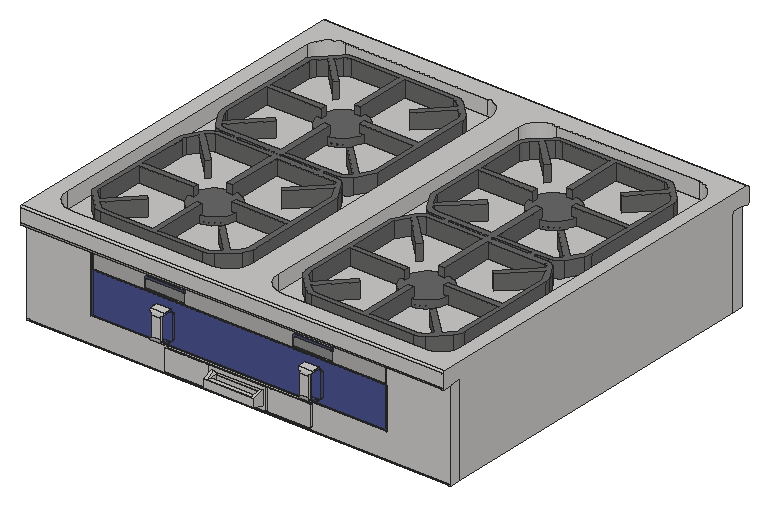
Revit family "QF_ELECTROLUXPROFESSIONAL_589084_MCGHACJOPI", category Specialty Equipment, Revit 2018
Family settings
  Round Connector Dimension = Use Diameter
  Part Type = Normal
  Work Plane-Based = No
  Always vertical = Yes
  Cut with Voids When Loaded = No
  Shared = No
  Room Calculation Point = No
Parameters
  Weight in Pounds = 180.77
  Watts = 0 W
  URL Cutsheet = ""
  Type Mark [instance] = ""
  Status [instance] = ""
  Specification by User [instance] = ""
  Specification by Manufacturer = ""
  Show Clearance [instance] = yes
  Serial Number = ""
  Seismic Rating = ""
  SMACNA No = ""
  Revision Code [instance] = ""
  Omniclass Number and Title = ""
  NAFEM Spec ID Number = ""
  Model = "589084"
  Mechanical Remarks [instance] = ""
  Mechanical Connection Type [instance] = ""
  Masterspec = ""
  Manufacturer = "ELECTROLUX"
  Item Number [instance] = ""
  Installed By [instance] = ""
  Identify Quantity as Lot [instance] = yes
  HP = "0 HP"
  Gas Size = 1/2"
  Gas RI Height [instance] = 0 mm
  Gas KW = 40
  Gas Input = 136360.0 Btu/h
  Gas Connection Height [instance] = 0 mm
  Furnished By [instance] = ""
  Foodservice Equipment Identifier [instance] = yes
  Direct Waste Size = 0"
  Description = "GAS TOP,4 BURNERS,ECO,2-S,1000X900X250H"
  CSI MasterFormat = ""
  CSI Master Format = ""
Reference planes
  plane 1 "BACK": y = 0
  plane 2: z = 0
  plane 3 "LEFT": x = 0
  plane 4 "RIGHT": x = 1000
  plane 5 "FRONT": y = -900
  plane 6 "TOP": z = 250
  plane 7: x = 500
  plane 8: y = -450
  plane 9: x = 965
  plane 10: y = -60.425
  plane 11: y = -1330
Forms (mm)
  Extrusion 1, solid, material "QF_Finishes_Stainless Steel"
    sketch origin (0, -487.128, 0) x (0, 1, 0) y (0, 0, 1)
      loop
        line (483.128, 250) -> (-408.872, 250)
        arc (-408.872, 250) -> (-411.7, 248.828) -> (-412.872, 246) r 4
        line (-412.872, 246) -> (-412.872, 214)
        arc (-412.872, 214) -> (-411.437, 210.931) -> (-408.161, 210.064) r 4
        line (-408.161, 210.064) -> (-392.872, 213) -> (-367.872, 213) -> (-367.872, 0) -> (442.128, 0) -> (442.128, 213) -> (465.765, 213) -> (482.433, 210.061)
        arc (482.433, 210.061) -> (485.699, 210.936) -> (487.128, 214) r 4
        line (487.128, 214) -> (487.128, 246)
        arc (487.128, 246) -> (485.956, 248.828) -> (483.128, 250) r 4
    from 0 to 1000
  Extrusion 2, void
    sketch origin (653.786, 44.048, 250) x (1, 0, 0) y (0, -1, 0)
      loop
        line (-570.234, 89.462) -> (-234.333, 89.462)
        arc (-234.333, 89.462) -> (-199.707, 103.805) -> (-185.364, 138.432) r 48.97
        line (-185.364, 138.432) -> (-185.364, 850.078)
        arc (-185.364, 850.078) -> (-199.707, 884.705) -> (-234.333, 899.048) r 48.97
        line (-234.333, 899.048) -> (-570.234, 899.048)
        arc (-570.234, 899.048) -> (-605.59, 884.403) -> (-620.234, 849.048) r 50
        line (-620.234, 849.048) -> (-620.234, 139.462)
        arc (-620.234, 139.462) -> (-605.59, 104.107) -> (-570.234, 89.462) r 50
      loop
        line (264.679, 899.048) -> (-71.222, 899.048)
        arc (-71.222, 899.048) -> (-106.577, 884.403) -> (-121.222, 849.048) r 50
        line (-121.222, 849.048) -> (-121.222, 139.462)
        arc (-121.222, 139.462) -> (-106.577, 104.107) -> (-71.222, 89.462) r 50
        line (-71.222, 89.462) -> (264.679, 89.462)
        arc (264.679, 89.462) -> (299.306, 103.805) -> (313.649, 138.432) r 48.97
        line (313.649, 138.432) -> (313.649, 850.078)
        arc (313.649, 850.078) -> (299.306, 884.705) -> (264.679, 899.048) r 48.97
    from 0 to 37
  Extrusion 3, solid, material "QF_Finishes_Stainless Steel"
    sketch origin (10, -759, 0) x (1, 0, 0) y (0, -1, 0)
      loop
        circle (955, -169) r 6.35
    from 0 to 3.2
  Extrusion 4, solid, material "QF_Door-Drawer Clearances", visible <- "Show Clearance", detail levels coarse
    sketch origin (-178.969, -4572, 0) x (-1, 0, 0) y (0, -1, 0)
      loop
        line (-507.364, -3689.407) -> (-507.364, -3242) -> (-851.364, -3242) -> (-851.364, -3689.407) -> (-507.364, -3689.407)
    from 8.012 to 59.392
Cuts and joins
  Extrusion 2 cuts Extrusion 1
Lines and regions (mm)
  symbolic lines
    curve 1: line (0, 0, 0) -> (1000, 0, 0)
    curve 2: line (0, -900, 0) -> (0, 0, 0)
    curve 3: line (1000, -900, 0) -> (0, -900, 0)
    curve 4: line (1000, 0, 0) -> (1000, -900, 0)
    curve 5: arc (83.552, -855, 0) -> (48.197, -840.355, 0) -> (33.552, -805, 0) r 50
    curve 6: line (33.552, -805, 0) -> (33.552, -95.414, 0)
    curve 7: arc (33.552, -95.414, 0) -> (48.197, -60.059, 0) -> (83.552, -45.414, 0) r 50
    curve 8: line (83.552, -45.414, 0) -> (417.592, -45.414, 0)
    curve 9: arc (918.465, -45.414, 0) -> (953.092, -59.757, 0) -> (967.435, -94.384, 0) r 48.97
    curve 10: line (967.435, -94.384, 0) -> (967.435, -806.03, 0)
    curve 11: arc (967.435, -806.03, 0) -> (953.092, -840.657, 0) -> (918.465, -855, 0) r 48.97
    curve 12: line (918.465, -855, 0) -> (582.408, -855, 0)
    curve 13: line (582.408, -45.414, 0) -> (918.465, -45.414, 0)
    curve 14: line (417.592, -855, 0) -> (83.552, -855, 0)
    curve 15: arc (582.408, -855, 0) -> (547.053, -840.355, 0) -> (532.408, -805, 0) r 50
    curve 16: line (532.408, -805, 0) -> (532.408, -95.414, 0)
    curve 17: arc (532.408, -95.414, 0) -> (547.053, -60.059, 0) -> (582.408, -45.414, 0) r 50
    curve 18: arc (417.592, -855, 0) -> (452.947, -840.355, 0) -> (467.592, -805, 0) r 50
    curve 19: line (467.592, -805, 0) -> (467.592, -95.414, 0)
    curve 20: arc (467.592, -95.414, 0) -> (452.947, -60.059, 0) -> (417.592, -45.414, 0) r 50
  symbolic lines, style "QF_Door-Drawer Clearances"
    curve 21: line (328.395, -900, 0) -> (328.395, -1330, 0)
    curve 22: line (672.395, -1330, 0) -> (672.395, -900, 0)
    curve 23: line (328.395, -1330, 0) -> (672.395, -1330, 0)
Dimensions and locks
  plane 3 "LEFT" to plane 4 "RIGHT" = 1000 mm
  plane 5 "FRONT" to plane 1 "BACK" = 900 mm
  equal spacing: plane 3 "LEFT", plane 7, plane 4 "RIGHT"
  equal spacing: plane 5 "FRONT", plane 8, plane 1 "BACK"
  plane 6 "TOP" to level = 250 mm  (x2)
  plane 1 "BACK" to plane 5 "FRONT" = 900 mm
  Extrusion 3 sketch curve to plane 1 "BACK" = 590 mm
  Extrusion 3 sketch curve to plane 4 "RIGHT" = 35 mm
  plane 1 "BACK" to Extrusion 3 = 590 mm
  plane 9 to plane 4 "RIGHT" = 35 mm
  plane 5 "FRONT" to plane 11 = 430 mm
  aligned and locked: level to plane 2
  aligned and locked: Extrusion 1 to plane 4 "RIGHT"
Automatic sketch dimensions
  Extrusion 1 sketch curve to plane 5 "FRONT" = 0 mm
  Extrusion 1 sketch curve to plane 6 "TOP" = 0 mm
  Extrusion 1 sketch curve to level = 0 mm
  Extrusion 1 sketch curve to plane 1 "BACK" = 0 mm
  Extrusion 1 sketch curve to plane 6 "TOP" = 37 mm  (x2)
  Extrusion 1 sketch curve to plane 5 "FRONT" = 4 mm
  Extrusion 1 sketch curve to plane 5 "FRONT" = 20 mm
  Extrusion 1 sketch curve to plane 5 "FRONT" = 45 mm
  plane 1 "BACK" to Extrusion 1 sketch curve = 21.363 mm
  plane 1 "BACK" to Extrusion 1 sketch curve = 4 mm  (x2)
  Extrusion 1 sketch curve to Extrusion 1 sketch curve = 4 mm
  Extrusion 1 sketch curve to Extrusion 1 sketch curve = 0.711 mm
  plane 1 "BACK" to Extrusion 1 sketch curve = 4.695 mm
  Extrusion 1 sketch curve to Extrusion 1 sketch curve = 0 mm  (x2)
  Extrusion 1 sketch curve to Extrusion 1 sketch curve = 1 mm  (x2)
  plane 1 "BACK" to Extrusion 1 sketch curve = 45 mm
  plane 1 "BACK" to curve 1 = 0 mm
  curve 1 to plane 4 "RIGHT" = 0 mm
  curve 3 to plane 3 "LEFT" = 0 mm
  plane 5 "FRONT" to curve 3 = 0 mm
  curve 10 to plane 9 = 2.435 mm
  plane 10 to curve 13 = 15.012 mm
  plane 9 to curve 13 = 46.535 mm
  plane 9 to curve 12 = 46.535 mm
  plane 7 to curve 16 = 32.408 mm
  curve 19 to plane 7 = 32.408 mm
  plane 3 "LEFT" to curve 8 = 83.552 mm
  plane 3 "LEFT" to curve 14 = 83.552 mm
  plane 3 "LEFT" to curve 6 = 33.552 mm
  curve 15 to curve 16 = 50 mm
  curve 20 to plane 10 = 34.988 mm
  curve 18 to plane 5 "FRONT" = 45 mm
  curve 19 to curve 18 = 50 mm
  Extrusion 1 to Extrusion 2 sketch curve = 33.552 mm
  Extrusion 1 to Extrusion 2 sketch curve = 41 mm  (x2)
  Extrusion 2 sketch curve to Extrusion 2 sketch curve = 50 mm  (x4)
  Extrusion 1 to Extrusion 2 sketch curve = 41.414 mm
  Extrusion 2 sketch curve to Extrusion 2 sketch curve = 335.901 mm  (x2)
  Extrusion 2 sketch curve to Extrusion 2 sketch curve = 48.97 mm
  Extrusion 2 sketch curve to Extrusion 2 sketch curve = 64.142 mm
  Extrusion 1 to Extrusion 2 sketch curve = 81.535 mm  (x2)
  Extrusion 1 to Extrusion 2 sketch curve = 32.565 mm
  Extrusion 2 sketch curve to Extrusion 2 sketch curve = 1.03 mm
  curve 18 to curve 16 = 0 mm
  plane 10 to curve 8 = 15.012 mm
  curve 16 to plane 10 = 34.988 mm
  plane 7 to Extrusion 4 sketch curve = 172.395 mm
  Extrusion 4 sketch curve to plane 5 "FRONT" = 17.407 mm
  Extrusion 4 sketch curve to plane 7 = 171.605 mm
  Extrusion 4 sketch curve to Extrusion 4 sketch curve = 447.407 mm
  curve 22 to plane 11 = 0 mm
  plane 7 to curve 22 = 172.395 mm
  curve 21 to plane 7 = 171.605 mm
  curve 22 to plane 5 "FRONT" = 0 mm
  curve 21 to plane 5 "FRONT" = 0 mm
  radius of Extrusion 3 sketch curve = 6.35 mm
Nested families
  nested 1: "OBT_900_Open Burner" at (250, -450.207, -649.319), type "OBT_900_Open Burner"
  nested 2: "OBT_900_Open Burner" at (750, -450.207, -649.319) x (-1, 0, 0) z (0, 0, 1), type "OBT_900_Open Burner"
  nested 3: "EG_900_1000_Double Range Control Handle Back Panel" at (202.376, -45, -650), type "EG_900_1000_Double Range Control Handle Back Panel"
  nested 4: "EG_900_1000_Double Range Control Handle Front Panel" at (202.376, -855, -650), type "EG_900_1000_Double Range Control Handle Front Panel"
Connectors
  piping at (965, -590, -3.2), diameter 12.8
    settings: on Extrusion 3, index 1, connector inside diameter 0.50394", connector length 0 mm, flow factor 0, pipe flow 0 GPM, pressure drop 0.00 psi, fitting loss kfactor 0, connector angle 0.00°, fixture units 0, engagement length 0 mm, angle of deflection 0.00°, flow configuration 1, flow direction 1, fitting loss method 0, system type 7, joint type 0, gender type 0, connector reference index -1, connector utility 0, adjustable connector no, is connector primary yes, connector description "GAS CONNECTION"
Definition of nested family "OBT_900_Open Burner"
  Reference planes
    plane 1 "Center (Front/Back)": y = 0
    plane 2: z = 0
    plane 3 "Center (Left/Right)": x = 0
    plane 4: x = -186.448
    plane 5: x = 187.435
    plane 6: y = 374.793
    plane 7: y = -374.793
    plane 8: y = -188.326
  Forms (mm)
    Extrusion 1, solid
      sketch origin (2130.573, 56.896, -679.622) x (1, 0, 0) y (0, 1, 0)
        loop
          line (-2137.44, 306.49) -> (-2250.793, 306.49)
          arc (-2250.793, 306.49) -> (-2257.908, 305.075) -> (-2263.94, 301.044) r 18.593
          line (-2263.94, 301.044) -> (-2276.233, 288.751) -> (-2213.48, 225.998) -> (-2221.6, 217.877) -> (-2284.354, 280.631) -> (-2300.33, 264.654)
          arc (-2300.33, 264.654) -> (-2304.433, 258.337) -> (-2305.614, 250.897) r 18.125
          line (-2305.614, 250.897) -> (-2305.614, 138.422) -> (-2175.79, 138.422) -> (-2175.79, 126.938) -> (-2305.614, 126.938) -> (-2305.614, 10.897)
          arc (-2305.614, 10.897) -> (-2304.981, 6.085) -> (-2303.123, 1.601) r 18.593
          line (-2303.123, 1.601) -> (-2290.078, -20.994) -> (-2221.6, 47.483) -> (-2213.48, 39.363) -> (-2284.012, -31.169)
          arc (-2284.012, -31.169) -> (-2278.546, -38.527) -> (-2270.23, -42.379) r 18.593
          line (-2270.23, -42.379) -> (-2137.44, -42.379) -> (-2137.44, 87.464) -> (-2123.707, 87.464) -> (-2123.707, -42.379) -> (-1989.813, -42.379)
          arc (-1989.813, -42.379) -> (-1981.496, -38.527) -> (-1976.031, -31.169) r 18.593
          line (-1976.031, -31.169) -> (-2047.115, 39.915) -> (-2038.994, 48.035) -> (-1969.962, -20.997) -> (-1954.428, 5.916) -> (-1954.428, 126.938) -> (-2085.357, 126.938) -> (-2085.357, 138.422) -> (-1954.428, 138.422) -> (-1954.428, 247.888)
          arc (-1954.428, 247.888) -> (-1956.538, 258.496) -> (-1962.547, 267.489) r 27.72
          line (-1962.547, 267.489) -> (-1975.689, 280.631) -> (-2038.994, 217.325) -> (-2047.115, 225.446) -> (-1983.809, 288.751) -> (-1996.102, 301.044)
          arc (-1996.102, 301.044) -> (-2002.134, 305.075) -> (-2009.25, 306.49) r 18.593
          line (-2009.25, 306.49) -> (-2123.707, 306.49) -> (-2123.707, 177.897) -> (-2137.44, 177.897) -> (-2137.44, 306.49)
        loop
          arc (-2317.021, 10.897) -> (-2315.999, 3.132) -> (-2313.002, -4.103) r 30
          line (-2313.002, -4.103) -> (-2292.795, -39.103)
          arc (-2292.795, -39.103) -> (-2281.814, -50.084) -> (-2266.814, -54.103) r 30
          line (-2266.814, -54.103) -> (-2239.287, -54.103)
          arc (-2239.287, -54.103) -> (-2238.243, -56) -> (-2236.272, -56.896) r 3.438
          arc (-2236.272, -56.896) -> (-2238.243, -57.792) -> (-2239.287, -59.689) r 3.438
          line (-2239.287, -59.689) -> (-2266.814, -59.689)
          arc (-2266.814, -59.689) -> (-2281.814, -63.708) -> (-2292.795, -74.689) r 30
          line (-2292.795, -74.689) -> (-2313.002, -109.689)
          arc (-2313.002, -109.689) -> (-2315.999, -116.924) -> (-2317.021, -124.689) r 30
          line (-2317.021, -124.689) -> (-2317.021, -365.461)
          arc (-2317.021, -365.461) -> (-2314.738, -376.941) -> (-2308.234, -386.674) r 30
          line (-2308.234, -386.674) -> (-2271.975, -422.933)
          arc (-2271.975, -422.933) -> (-2262.253, -429.414) -> (-2250.793, -431.689) r 30
          line (-2250.793, -431.689) -> (-2009.25, -431.689)
          arc (-2009.25, -431.689) -> (-1997.786, -429.412) -> (-1988.062, -422.928) r 30
          line (-1988.062, -422.928) -> (-1951.808, -386.674)
          arc (-1951.808, -386.674) -> (-1945.305, -376.941) -> (-1942.982, -365.461) r 30
          line (-1942.982, -365.461) -> (-1942.982, -116.719) -> (-1967.248, -74.689)
          arc (-1967.248, -74.689) -> (-1978.229, -63.708) -> (-1993.229, -59.689) r 30
          line (-1993.229, -59.689) -> (-2020.319, -59.689)
          arc (-2020.319, -59.689) -> (-2021.979, -57.759) -> (-2024.375, -56.896) r 5
          arc (-2024.375, -56.896) -> (-2021.979, -56.033) -> (-2020.319, -54.103) r 5
          line (-2020.319, -54.103) -> (-1993.229, -54.103)
          arc (-1993.229, -54.103) -> (-1978.229, -50.084) -> (-1967.248, -39.103) r 30
          line (-1967.248, -39.103) -> (-1943.138, 2.656) -> (-1943.138, 254.314)
          arc (-1943.138, 254.314) -> (-1945.839, 264.361) -> (-1951.808, 272.882) r 30
          line (-1951.808, 272.882) -> (-1988.062, 309.136)
          arc (-1988.062, 309.136) -> (-1997.786, 315.62) -> (-2009.25, 317.897) r 30
          line (-2009.25, 317.897) -> (-2250.793, 317.897)
          arc (-2250.793, 317.897) -> (-2262.253, 315.622) -> (-2271.975, 309.141) r 30
          line (-2271.975, 309.141) -> (-2308.234, 272.882)
          arc (-2308.234, 272.882) -> (-2314.738, 263.149) -> (-2317.021, 251.669) r 30
          line (-2317.021, 251.669) -> (-2317.021, 10.897)
        loop
          arc (-2122.397, -54.103) -> (-2124.057, -56.033) -> (-2126.452, -56.896) r 5
          arc (-2126.452, -56.896) -> (-2124.057, -57.759) -> (-2122.397, -59.689) r 5
          line (-2122.397, -59.689) -> (-2035.829, -59.689)
          arc (-2035.829, -59.689) -> (-2034.784, -57.792) -> (-2032.813, -56.896) r 3.438
          arc (-2032.813, -56.896) -> (-2034.784, -56) -> (-2035.829, -54.103) r 3.438
          line (-2035.829, -54.103) -> (-2122.397, -54.103)
        loop
          arc (-2223.778, -54.103) -> (-2225.438, -56.033) -> (-2227.833, -56.896) r 5
          arc (-2227.833, -56.896) -> (-2225.438, -57.759) -> (-2223.778, -59.689) r 5
          line (-2223.778, -59.689) -> (-2137.906, -59.689)
          arc (-2137.906, -59.689) -> (-2136.862, -57.792) -> (-2134.891, -56.896) r 3.438
          arc (-2134.891, -56.896) -> (-2136.862, -56) -> (-2137.906, -54.103) r 3.438
          line (-2137.906, -54.103) -> (-2223.778, -54.103)
        loop
          line (-2137.44, -420.282) -> (-2137.44, -290.439) -> (-2123.707, -290.439) -> (-2123.707, -420.282) -> (-2009.25, -420.282)
          arc (-2009.25, -420.282) -> (-2002.134, -418.867) -> (-1996.102, -414.836) r 18.593
          line (-1996.102, -414.836) -> (-1983.184, -401.918) -> (-2047.115, -337.988) -> (-2038.994, -329.867) -> (-1975.064, -393.798) -> (-1962.547, -381.281)
          arc (-1962.547, -381.281) -> (-1956.538, -372.288) -> (-1954.428, -361.68) r 27.72
          line (-1954.428, -361.68) -> (-1954.428, -250.964) -> (-2085.357, -250.964) -> (-2085.357, -239.48) -> (-1954.428, -239.48) -> (-1954.428, -119.708) -> (-1970.42, -92.003) -> (-2038.994, -160.577) -> (-2047.115, -152.457) -> (-1976.413, -81.755)
          arc (-1976.413, -81.755) -> (-1981.868, -74.971) -> (-1989.813, -71.413) r 18.593
          line (-1989.813, -71.413) -> (-2123.707, -71.413) -> (-2123.707, -200.006) -> (-2137.44, -200.006) -> (-2137.44, -71.413) -> (-2270.23, -71.413)
          arc (-2270.23, -71.413) -> (-2278.175, -74.971) -> (-2283.629, -81.755) r 18.593
          line (-2283.629, -81.755) -> (-2213.48, -151.905) -> (-2221.6, -160.025) -> (-2289.62, -92.005) -> (-2303.123, -115.393)
          arc (-2303.123, -115.393) -> (-2304.981, -119.877) -> (-2305.614, -124.689) r 18.593
          line (-2305.614, -124.689) -> (-2305.614, -239.48) -> (-2175.79, -239.48) -> (-2175.79, -250.964) -> (-2305.614, -250.964) -> (-2305.614, -364.689)
          arc (-2305.614, -364.689) -> (-2304.433, -372.129) -> (-2300.33, -378.446) r 18.125
          line (-2300.33, -378.446) -> (-2284.979, -393.798) -> (-2221.6, -330.419) -> (-2213.48, -338.54) -> (-2276.858, -401.918) -> (-2263.94, -414.836)
          arc (-2263.94, -414.836) -> (-2257.908, -418.867) -> (-2250.793, -420.282) r 18.593
          line (-2250.793, -420.282) -> (-2137.44, -420.282)
      from 1542.072 to 1578.941
    Extrusion 2, solid
      sketch origin (2130.573, 61.122, 0) x (1, 0, 0) y (0, 1, 0)
        loop
          circle (-2130.573, -249.448) r 55
        loop
          circle (-2130.573, 128.455) r 55
      from 862.45 to 879.837
    Extrusion 3, void
      sketch origin (-124.371, -355.785, -22.784) x (-0.587785, -0.809017, 0) y (0, 0, 1)
        loop
          circle (-213.495, 891.283) r 1
      from -67.69 to -35.114
    Extrusion 4, void
      sketch origin (-89.903, -376.417, -22.784) x (-0.422618, -0.906308, 0) y (0, 0, 1)
        loop
          circle (-213.495, 891.283) r 1
      from -74.826 to -35.114
    Extrusion 5, void
      sketch origin (-52.131, -390.093, -22.784) x (-0.241922, -0.970296, 0) y (0, 0, 1)
        loop
          circle (-213.495, 891.283) r 1
      from -67.69 to -35.114
    Extrusion 6, void
      sketch origin (27.702, -394.842, -22.784) x (0.139173, -0.990268, 0) y (0, 0, 1)
        loop
          circle (-213.495, 891.283) r 1
      from -67.69 to -35.114
    Extrusion 7, void
      sketch origin (66.829, -385.74, -22.784) x (0.325568, -0.945519, 0) y (0, 0, 1)
        loop
          circle (-213.495, 891.283) r 1
      from -67.69 to -35.114
    Extrusion 8, void
      sketch origin (103.5, -369.339, -22.784) x (0.5, -0.866025, 0) y (0, 0, 1)
        loop
          circle (-213.495, 891.283) r 1
      from -67.69 to -35.114
    Extrusion 9, void
      sketch origin (136.368, -346.242, -22.784) x (0.656059, -0.75471, 0) y (0, 0, 1)
        loop
          circle (-213.495, 891.283) r 1
      from -67.69 to -35.114
    Extrusion 10, void
      sketch origin (164.225, -317.298, -22.784) x (0.788011, -0.615661, 0) y (0, 0, 1)
        loop
          circle (-213.495, 891.283) r 1
      from -67.69 to -35.114
    Extrusion 11, void
      sketch origin (186.048, -283.571, -22.784) x (0.891007, -0.45399, 0) y (0, 0, 1)
        loop
          circle (-213.495, 891.283) r 1
      from -67.69 to -35.114
    Extrusion 12, void
      sketch origin (201.034, -246.299, -22.784) x (0.961262, -0.275637, 0) y (0, 0, 1)
        loop
          circle (-213.495, 891.283) r 1
      from -67.69 to -35.114
    Extrusion 13, void
      sketch origin (208.566, -166.681, -22.784) x (0.994522, 0.104528, 0) y (0, 0, 1)
        loop
          circle (-213.495, 891.283) r 1
      from -67.69 to -35.114
    Extrusion 14, void
      sketch origin (200.835, -127.26, -22.784) x (0.956305, 0.292372, 0) y (0, 0, 1)
        loop
          circle (-213.495, 891.283) r 1
      from -67.69 to -35.114
    Extrusion 15, void
      sketch origin (185.724, -90.039, -22.784) x (0.882948, 0.469472, 0) y (0, 0, 1)
        loop
          circle (-213.495, 891.283) r 1
      from -67.69 to -35.114
    Extrusion 16, void
      sketch origin (163.788, -56.385, -22.784) x (0.777146, 0.62932, 0) y (0, 0, 1)
        loop
          circle (-213.495, 891.283) r 1
      from -67.69 to -35.114
    Extrusion 17, void
      sketch origin (135.834, -27.534, -22.784) x (0.642788, 0.766044, 0) y (0, 0, 1)
        loop
          circle (-213.495, 891.283) r 1
      from -67.69 to -35.114
    Extrusion 18, void
      sketch origin (102.889, -4.548, -22.784) x (0.48481, 0.87462, 0) y (0, 0, 1)
        loop
          circle (-213.495, 891.283) r 1
      from -67.69 to -35.114
    Extrusion 19, void
      sketch origin (66.163, 11.73, -22.784) x (0.309017, 0.951057, 0) y (0, 0, 1)
        loop
          circle (-213.495, 891.283) r 1
      from -67.69 to -35.114
    Extrusion 20, void
      sketch origin (-52.811, 15.685, -22.784) x (-0.258819, 0.965926, 0) y (0, 0, 1)
        loop
          circle (-213.495, 891.283) r 1
      from -67.69 to -35.114
    Extrusion 21, void
      sketch origin (-90.537, 1.882, -22.784) x (-0.438371, 0.898794, 0) y (0, 0, 1)
        loop
          circle (-213.495, 891.283) r 1
      from -67.69 to -35.114
    Extrusion 22, void
      sketch origin (-124.936, -18.865, -22.784) x (-0.601815, 0.798636, 0) y (0, 0, 1)
        loop
          circle (-213.495, 891.283) r 1
      from -67.69 to -35.114
    Extrusion 23, void
      sketch origin (-154.744, -45.796, -22.784) x (-0.743145, 0.669131, 0) y (0, 0, 1)
        loop
          circle (-213.495, 891.283) r 1
      from -67.69 to -35.114
    Extrusion 24, void
      sketch origin (-178.866, -77.919, -22.784) x (-0.857167, 0.515038, 0) y (0, 0, 1)
        loop
          circle (-213.495, 891.283) r 1
      from -67.69 to -35.114
    Extrusion 25, void
      sketch origin (-196.416, -114.054, -22.784) x (-0.939693, 0.34202, 0) y (0, 0, 1)
        loop
          circle (-213.495, 891.283) r 1
      from -67.69 to -35.114
    Extrusion 26, void
      sketch origin (-204.521, -232.817, -22.784) x (-0.97437, -0.224951, 0) y (0, 0, 1)
        loop
          circle (-213.495, 891.283) r 1
      from -67.69 to -35.114
    Extrusion 27, void
      sketch origin (-192.043, -271.002, -22.784) x (-0.913545, -0.406737, 0) y (0, 0, 1)
        loop
          circle (-213.495, 891.283) r 1
      from -67.69 to -35.114
    Extrusion 28, void
      sketch origin (-172.509, -306.104, -22.784) x (-0.819152, -0.573576, 0) y (0, 0, 1)
        loop
          circle (-213.495, 891.283) r 1
      from -67.69 to -35.114
    Extrusion 29, void
      sketch origin (-146.635, -336.834, -22.784) x (-0.694658, -0.71934, 0) y (0, 0, 1)
        loop
          circle (-213.495, 891.283) r 1
      from -67.69 to -35.114
    Extrusion 30, void
      sketch origin (-124.371, 22.118, -22.784) x (-0.587785, -0.809017, 0) y (0, 0, 1)
        loop
          circle (-213.495, 891.283) r 1
      from -67.69 to -35.114
    Extrusion 31, void
      sketch origin (-89.903, 1.485, -22.784) x (-0.422618, -0.906308, 0) y (0, 0, 1)
        loop
          circle (-213.495, 891.283) r 1
      from -74.826 to -35.114
    Extrusion 32, void
      sketch origin (-52.131, -12.191, -22.784) x (-0.241922, -0.970296, 0) y (0, 0, 1)
        loop
          circle (-213.495, 891.283) r 1
      from -67.69 to -35.114
    Extrusion 33, void
      sketch origin (27.702, -16.939, -22.784) x (0.139173, -0.990268, 0) y (0, 0, 1)
        loop
          circle (-213.495, 891.283) r 1
      from -67.69 to -35.114
    Extrusion 34, void
      sketch origin (66.829, -7.837, -22.784) x (0.325568, -0.945519, 0) y (0, 0, 1)
        loop
          circle (-213.495, 891.283) r 1
      from -67.69 to -35.114
    Extrusion 35, void
      sketch origin (103.5, 8.564, -22.784) x (0.5, -0.866025, 0) y (0, 0, 1)
        loop
          circle (-213.495, 891.283) r 1
      from -67.69 to -35.114
    Extrusion 36, void
      sketch origin (136.368, 31.66, -22.784) x (0.656059, -0.75471, 0) y (0, 0, 1)
        loop
          circle (-213.495, 891.283) r 1
      from -67.69 to -35.114
    Extrusion 37, void
      sketch origin (164.225, 60.604, -22.784) x (0.788011, -0.615661, 0) y (0, 0, 1)
        loop
          circle (-213.495, 891.283) r 1
      from -67.69 to -35.114
    Extrusion 38, void
      sketch origin (186.048, 94.332, -22.784) x (0.891007, -0.45399, 0) y (0, 0, 1)
        loop
          circle (-213.495, 891.283) r 1
      from -67.69 to -35.114
    Extrusion 39, void
      sketch origin (201.034, 131.603, -22.784) x (0.961262, -0.275637, 0) y (0, 0, 1)
        loop
          circle (-213.495, 891.283) r 1
      from -67.69 to -35.114
    Extrusion 40, void
      sketch origin (208.566, 211.222, -22.784) x (0.994522, 0.104528, 0) y (0, 0, 1)
        loop
          circle (-213.495, 891.283) r 1
      from -67.69 to -35.114
    Extrusion 41, void
      sketch origin (200.835, 250.642, -22.784) x (0.956305, 0.292372, 0) y (0, 0, 1)
        loop
          circle (-213.495, 891.283) r 1
      from -67.69 to -35.114
    Extrusion 42, void
      sketch origin (185.724, 287.864, -22.784) x (0.882948, 0.469472, 0) y (0, 0, 1)
        loop
          circle (-213.495, 891.283) r 1
      from -67.69 to -35.114
    Extrusion 43, void
      sketch origin (163.788, 321.518, -22.784) x (0.777146, 0.62932, 0) y (0, 0, 1)
        loop
          circle (-213.495, 891.283) r 1
      from -67.69 to -35.114
    Extrusion 44, void
      sketch origin (135.834, 350.368, -22.784) x (0.642788, 0.766044, 0) y (0, 0, 1)
        loop
          circle (-213.495, 891.283) r 1
      from -67.69 to -35.114
    Extrusion 45, void
      sketch origin (102.889, 373.355, -22.784) x (0.48481, 0.87462, 0) y (0, 0, 1)
        loop
          circle (-213.495, 891.283) r 1
      from -67.69 to -35.114
    Extrusion 46, void
      sketch origin (66.163, 389.633, -22.784) x (0.309017, 0.951057, 0) y (0, 0, 1)
        loop
          circle (-213.495, 891.283) r 1
      from -67.69 to -35.114
    Extrusion 47, void
      sketch origin (-52.811, 393.588, -22.784) x (-0.258819, 0.965926, 0) y (0, 0, 1)
        loop
          circle (-213.495, 891.283) r 1
      from -67.69 to -35.114
    Extrusion 48, void
      sketch origin (-90.537, 379.785, -22.784) x (-0.438371, 0.898794, 0) y (0, 0, 1)
        loop
          circle (-213.495, 891.283) r 1
      from -67.69 to -35.114
    Extrusion 49, void
      sketch origin (-124.936, 359.037, -22.784) x (-0.601815, 0.798636, 0) y (0, 0, 1)
        loop
          circle (-213.495, 891.283) r 1
      from -67.69 to -35.114
    Extrusion 50, void
      sketch origin (-154.744, 332.107, -22.784) x (-0.743145, 0.669131, 0) y (0, 0, 1)
        loop
          circle (-213.495, 891.283) r 1
      from -67.69 to -35.114
    Extrusion 51, void
      sketch origin (-178.866, 299.984, -22.784) x (-0.857167, 0.515038, 0) y (0, 0, 1)
        loop
          circle (-213.495, 891.283) r 1
      from -67.69 to -35.114
    Extrusion 52, void
      sketch origin (-196.416, 263.848, -22.784) x (-0.939693, 0.34202, 0) y (0, 0, 1)
        loop
          circle (-213.495, 891.283) r 1
      from -67.69 to -35.114
    Extrusion 53, void
      sketch origin (-204.521, 145.086, -22.784) x (-0.97437, -0.224951, 0) y (0, 0, 1)
        loop
          circle (-213.495, 891.283) r 1
      from -67.69 to -35.114
    Extrusion 54, void
      sketch origin (-192.043, 106.901, -22.784) x (-0.913545, -0.406737, 0) y (0, 0, 1)
        loop
          circle (-213.495, 891.283) r 1
      from -67.69 to -35.114
    Extrusion 55, void
      sketch origin (-172.509, 71.798, -22.784) x (-0.819152, -0.573576, 0) y (0, 0, 1)
        loop
          circle (-213.495, 891.283) r 1
      from -67.69 to -35.114
    Extrusion 56, void
      sketch origin (-146.635, 41.068, -22.784) x (-0.694658, -0.71934, 0) y (0, 0, 1)
        loop
          circle (-213.495, 891.283) r 1
      from -67.69 to -35.114
  Cuts and joins
    Extrusion 3, Extrusion 4, Extrusion 5, Extrusion 6, Extrusion 7, Extrusion 8, Extrusion 9, Extrusion 10, Extrusion 11, Extrusion 12, Extrusion 13, Extrusion 14, Extrusion 15, Extrusion 16, Extrusion 17, Extrusion 18, Extrusion 19, Extrusion 20, Extrusion 21, Extrusion 22, Extrusion 23, Extrusion 24, Extrusion 25, Extrusion 26, Extrusion 27, Extrusion 28, Extrusion 29, Extrusion 30, Extrusion 31, Extrusion 32, Extrusion 33, Extrusion 34, Extrusion 35, Extrusion 36, Extrusion 37, Extrusion 38, Extrusion 39, Extrusion 40, Extrusion 41, Extrusion 42, Extrusion 43, Extrusion 44, Extrusion 45, Extrusion 46, Extrusion 47, Extrusion 48, Extrusion 49, Extrusion 50, Extrusion 51, Extrusion 52, Extrusion 53, Extrusion 54, Extrusion 55, Extrusion 56 cuts Extrusion 2
    Extrusion 32 cuts Extrusion 1
  Lines and regions (mm)
    symbolic lines
      curve 1: arc (54.699, -182.584, 0) -> (39.289, -149.838, 0) -> (6.867, -133.757, 0) r 55
      curve 2: arc (-54.699, -194.068, 0) -> (-39.289, -226.815, 0) -> (-6.867, -242.896, 0) r 55
      curve 3: line (45.217, -194.068, 0) -> (176.145, -194.068, 0)
      curve 4: line (176.145, -194.068, 0) -> (176.145, -304.784, 0)
      curve 5: arc (176.145, -304.784, 0) -> (174.035, -315.392, 0) -> (168.026, -324.385, 0) r 27.72
      curve 6: line (168.026, -324.385, 0) -> (155.51, -336.902, 0)
      curve 7: line (155.51, -336.902, 0) -> (91.579, -272.971, 0)
      curve 8: line (83.459, -281.092, 0) -> (147.389, -345.022, 0)
      curve 9: line (147.389, -345.022, 0) -> (134.471, -357.94, 0)
      curve 10: arc (134.471, -357.94, 0) -> (128.439, -361.971, 0) -> (121.324, -363.386, 0) r 18.593
      curve 11: line (121.324, -363.386, 0) -> (6.867, -363.386, 0)
      curve 12: line (6.867, -363.386, 0) -> (6.867, -233.543, 0)
      curve 13: line (-6.867, -233.543, 0) -> (-6.867, -363.386, 0)
      curve 14: line (-6.867, -363.386, 0) -> (-120.219, -363.386, 0)
      curve 15: arc (-120.219, -363.386, 0) -> (-127.335, -361.971, 0) -> (-133.367, -357.94, 0) r 18.593
      curve 16: line (-133.367, -357.94, 0) -> (-146.285, -345.022, 0)
      curve 17: line (-146.285, -345.022, 0) -> (-82.906, -281.644, 0)
      curve 18: line (-91.027, -273.523, 0) -> (-154.405, -336.902, 0)
      curve 19: line (-154.405, -336.902, 0) -> (-169.757, -321.55, 0)
      curve 20: arc (-169.757, -321.55, 0) -> (-173.86, -315.233, 0) -> (-175.041, -307.793, 0) r 18.125
      curve 21: line (-175.041, -307.793, 0) -> (-175.041, -194.068, 0)
      curve 22: line (-175.041, -194.068, 0) -> (-45.217, -194.068, 0)
      curve 23: line (-45.217, -182.584, 0) -> (-175.041, -182.584, 0)
      curve 24: line (-175.041, -182.584, 0) -> (-175.041, -67.793, 0)
      curve 25: arc (-175.041, -67.793, 0) -> (-174.407, -62.981, 0) -> (-172.55, -58.497, 0) r 18.593
      curve 26: line (-172.55, -58.497, 0) -> (-159.047, -35.109, 0)
      curve 27: line (-159.047, -35.109, 0) -> (-91.027, -103.129, 0)
      curve 28: line (-82.906, -95.009, 0) -> (-153.056, -24.859, 0)
      curve 29: arc (-153.056, -24.859, 0) -> (-147.601, -18.075, 0) -> (-139.656, -14.517, 0) r 18.593
      curve 30: line (-139.656, -14.517, 0) -> (-6.867, -14.517, 0)
      curve 31: line (-6.867, -14.517, 0) -> (-6.867, -143.11, 0)
      curve 32: line (6.867, -143.11, 0) -> (6.867, -14.517, 0)
      curve 33: line (6.867, -14.517, 0) -> (140.761, -14.517, 0)
      curve 34: arc (140.761, -14.517, 0) -> (148.706, -18.075, 0) -> (154.16, -24.859, 0) r 18.593
      curve 35: line (154.16, -24.859, 0) -> (83.459, -95.561, 0)
      curve 36: line (91.579, -103.681, 0) -> (160.154, -35.107, 0)
      curve 37: line (160.154, -35.107, 0) -> (176.145, -62.812, 0)
      curve 38: line (176.145, -62.812, 0) -> (176.145, -182.584, 0)
      curve 39: line (176.145, -182.584, 0) -> (45.217, -182.584, 0)
      curve 40: line (187.592, -59.823, 0) -> (163.326, -17.793, 0)
      curve 41: arc (163.326, -17.793, 0) -> (152.345, -6.812, 0) -> (137.345, -2.793, 0) r 30
      curve 42: line (137.345, -2.793, 0) -> (110.254, -2.793, 0)
      curve 43: arc (110.254, -2.793, 0) -> (108.594, -0.863, 0) -> (106.199, 0, 0) r 5
      curve 44: arc (106.199, 0, 0) -> (108.594, 0.863, 0) -> (110.254, 2.793, 0) r 5
      curve 45: line (110.254, 2.793, 0) -> (137.345, 2.793, 0)
      curve 46: arc (137.345, 2.793, 0) -> (152.345, 6.812, 0) -> (163.326, 17.793, 0) r 30
      curve 47: line (163.326, 17.793, 0) -> (187.435, 59.552, 0)
      curve 48: line (187.435, 59.552, 0) -> (187.435, 311.21, 0)
      curve 49: arc (187.435, 311.21, 0) -> (184.735, 321.257, 0) -> (178.765, 329.778, 0) r 30
      curve 50: line (178.765, 329.778, 0) -> (142.511, 366.032, 0)
      curve 51: arc (142.511, 366.032, 0) -> (132.788, 372.516, 0) -> (121.324, 374.793, 0) r 30
      curve 52: line (121.324, 374.793, 0) -> (-120.219, 374.793, 0)
      curve 53: arc (-120.219, 374.793, 0) -> (-131.68, 372.518, 0) -> (-141.401, 366.037, 0) r 30
      curve 54: line (-141.401, 366.037, 0) -> (-177.661, 329.778, 0)
      curve 55: arc (-177.661, 329.778, 0) -> (-184.164, 320.045, 0) -> (-186.448, 308.565, 0) r 30
      curve 56: line (-186.448, 308.565, 0) -> (-186.448, 67.793, 0)
      curve 57: arc (-186.448, 67.793, 0) -> (-185.426, 60.028, 0) -> (-182.429, 52.793, 0) r 30
      curve 58: line (-182.429, 52.793, 0) -> (-162.221, 17.793, 0)
      curve 59: arc (-162.221, 17.793, 0) -> (-151.241, 6.812, 0) -> (-136.241, 2.793, 0) r 30
      curve 60: line (-136.241, 2.793, 0) -> (-108.714, 2.793, 0)
      curve 61: arc (-108.714, 2.793, 0) -> (-107.669, 0.896, 0) -> (-105.698, 0, 0) r 3.438
      curve 62: arc (-105.698, 0, 0) -> (-107.669, -0.896, 0) -> (-108.714, -2.793, 0) r 3.438
      curve 63: line (-108.714, -2.793, 0) -> (-136.241, -2.793, 0)
      curve 64: arc (-136.241, -2.793, 0) -> (-151.241, -6.812, 0) -> (-162.221, -17.793, 0) r 30
      curve 65: line (-162.221, -17.793, 0) -> (-182.429, -52.793, 0)
      curve 66: arc (-182.429, -52.793, 0) -> (-185.426, -60.028, 0) -> (-186.448, -67.793, 0) r 30
      curve 67: line (-186.448, -67.793, 0) -> (-186.448, -308.565, 0)
      curve 68: arc (-186.448, -308.565, 0) -> (-184.164, -320.045, 0) -> (-177.661, -329.778, 0) r 30
      curve 69: line (-177.661, -329.778, 0) -> (-141.401, -366.037, 0)
      curve 70: arc (-141.401, -366.037, 0) -> (-131.68, -372.518, 0) -> (-120.219, -374.793, 0) r 30
      curve 71: line (-120.219, -374.793, 0) -> (121.324, -374.793, 0)
      curve 72: arc (121.324, -374.793, 0) -> (132.788, -372.516, 0) -> (142.511, -366.032, 0) r 30
      curve 73: line (142.511, -366.032, 0) -> (178.765, -329.778, 0)
      curve 74: arc (178.765, -329.778, 0) -> (185.269, -320.045, 0) -> (187.552, -308.565, 0) r 30
      curve 75: line (187.592, -308.565, 0) -> (187.592, -59.823, 0)
      curve 76: line (94.745, -2.793, 0) -> (8.177, -2.793, 0)
      curve 77: arc (8.177, -2.793, 0) -> (6.517, -0.863, 0) -> (4.121, 0, 0) r 5
      curve 78: arc (4.121, 0, 0) -> (6.517, 0.863, 0) -> (8.177, 2.793, 0) r 5
      curve 79: line (8.177, 2.793, 0) -> (94.745, 2.793, 0)
      curve 80: arc (94.745, 2.793, 0) -> (95.789, 0.896, 0) -> (97.76, 0, 0) r 3.438
      curve 81: arc (97.76, 0, 0) -> (95.789, -0.896, 0) -> (94.745, -2.793, 0) r 3.438
      curve 82: line (-7.333, -2.793, 0) -> (-93.204, -2.793, 0)
      curve 83: arc (-93.204, -2.793, 0) -> (-94.864, -0.863, 0) -> (-97.26, 0, 0) r 5
      curve 84: arc (-97.26, 0, 0) -> (-94.864, 0.863, 0) -> (-93.204, 2.793, 0) r 5
      curve 85: line (-93.204, 2.793, 0) -> (-7.333, 2.793, 0)
      curve 86: arc (-7.333, 2.793, 0) -> (-6.288, 0.896, 0) -> (-4.317, 0, 0) r 3.438
      curve 87: arc (-4.317, 0, 0) -> (-6.288, -0.896, 0) -> (-7.333, -2.793, 0) r 3.438
      curve 88: line (-6.867, 14.517, 0) -> (-139.656, 14.517, 0)
      curve 89: arc (-139.656, 14.517, 0) -> (-147.973, 18.369, 0) -> (-153.438, 25.727, 0) r 18.593
      curve 90: line (-153.438, 25.727, 0) -> (-82.906, 96.259, 0)
      curve 91: line (-91.027, 104.379, 0) -> (-159.504, 35.902, 0)
      curve 92: line (-159.504, 35.902, 0) -> (-172.55, 58.497, 0)
      curve 93: arc (-172.55, 58.497, 0) -> (-174.407, 62.981, 0) -> (-175.041, 67.793, 0) r 18.593
      curve 94: line (-175.041, 67.793, 0) -> (-175.041, 183.834, 0)
      curve 95: line (-175.041, 183.834, 0) -> (-45.217, 183.834, 0)
      curve 96: line (-45.217, 195.318, 0) -> (-175.041, 195.318, 0)
      curve 97: line (-175.041, 195.318, 0) -> (-175.041, 307.793, 0)
      curve 98: arc (-175.041, 307.793, 0) -> (-173.86, 315.233, 0) -> (-169.757, 321.55, 0) r 18.125
      curve 99: line (-169.757, 321.55, 0) -> (-153.78, 337.527, 0)
      curve 100: line (-153.78, 337.527, 0) -> (-91.027, 274.773, 0)
      curve 101: line (-91.027, 274.773, 0) -> (-82.906, 282.894, 0)
      curve 102: line (-82.906, 282.894, 0) -> (-145.66, 345.647, 0)
      curve 103: line (-145.66, 345.647, 0) -> (-133.367, 357.94, 0)
      curve 104: arc (-133.367, 357.94, 0) -> (-127.335, 361.971, 0) -> (-120.219, 363.386, 0) r 18.593
      curve 105: line (-120.219, 363.386, 0) -> (-6.867, 363.386, 0)
      curve 106: line (-6.867, 363.386, 0) -> (-6.867, 234.793, 0)
      curve 107: line (-6.867, 234.793, 0) -> (6.867, 234.793, 0)
      curve 108: line (6.867, 234.793, 0) -> (6.867, 363.386, 0)
      curve 109: line (6.867, 363.386, 0) -> (121.324, 363.386, 0)
      curve 110: arc (121.324, 363.386, 0) -> (128.439, 361.971, 0) -> (134.471, 357.94, 0) r 18.593
      curve 111: line (134.471, 357.94, 0) -> (146.764, 345.647, 0)
      curve 112: line (146.764, 345.647, 0) -> (83.459, 282.342, 0)
      curve 113: line (91.579, 274.221, 0) -> (154.885, 337.527, 0)
      curve 114: line (154.885, 337.527, 0) -> (168.026, 324.385, 0)
      curve 115: arc (168.026, 324.385, 0) -> (174.035, 315.392, 0) -> (176.145, 304.784, 0) r 27.72
      curve 116: line (176.145, 304.784, 0) -> (176.145, 195.318, 0)
      curve 117: line (176.145, 195.318, 0) -> (45.217, 195.318, 0)
      curve 118: line (45.217, 183.834, 0) -> (176.145, 183.834, 0)
      curve 119: line (176.145, 183.834, 0) -> (176.145, 62.812, 0)
      curve 120: line (176.145, 62.812, 0) -> (160.611, 35.899, 0)
      curve 121: line (160.611, 35.899, 0) -> (91.579, 104.931, 0)
      curve 122: line (83.459, 96.811, 0) -> (154.543, 25.727, 0)
      curve 123: arc (154.543, 25.727, 0) -> (149.077, 18.369, 0) -> (140.761, 14.517, 0) r 18.593
      curve 124: line (140.761, 14.517, 0) -> (6.867, 14.517, 0)
      curve 125: line (6.867, 14.517, 0) -> (6.867, 144.36, 0)
      curve 126: line (6.867, 144.36, 0) -> (-6.867, 144.36, 0)
      curve 127: line (-6.867, 144.36, 0) -> (-6.867, 14.517, 0)
      curve 128: arc (-54.699, 183.834, 0) -> (-39.289, 151.088, 0) -> (-6.867, 135.007, 0) r 55
      curve 129: arc (54.699, 195.318, 0) -> (39.289, 228.065, 0) -> (6.867, 244.146, 0) r 55
      curve 130: arc (-6.867, 244.146, 0) -> (-39.289, 228.065, 0) -> (-54.699, 195.318, 0) r 55
      curve 131: arc (6.867, 135.007, 0) -> (39.289, 151.088, 0) -> (54.699, 183.834, 0) r 55
      curve 132: arc (-6.867, -133.757, 0) -> (-39.289, -149.838, 0) -> (-54.699, -182.584, 0) r 55
      curve 133: arc (6.867, -242.896, 0) -> (39.289, -226.815, 0) -> (54.699, -194.068, 0) r 55
      curve 134: line (-45.217, 183.834, 0) -> (-45.217, 195.318, 0)
      curve 135: line (45.217, 195.318, 0) -> (45.217, 183.834, 0)
      curve 136: line (91.579, 274.221, 0) -> (83.459, 282.342, 0)
      curve 137: line (-91.027, 104.379, 0) -> (-82.906, 96.259, 0)
      curve 138: line (91.579, 104.931, 0) -> (83.459, 96.811, 0)
      curve 139: line (-91.027, -103.129, 0) -> (-82.906, -95.009, 0)
      curve 140: line (83.459, -95.561, 0) -> (91.579, -103.681, 0)
      curve 141: line (45.217, -182.584, 0) -> (45.217, -194.068, 0)
      curve 142: line (-6.867, -143.11, 0) -> (6.867, -143.11, 0)
      curve 143: line (-45.217, -194.068, 0) -> (-45.217, -182.584, 0)
      curve 144: line (6.867, -233.543, 0) -> (-6.867, -233.543, 0)
      curve 145: line (91.579, -272.971, 0) -> (83.459, -281.092, 0)
      curve 146: line (-82.906, -281.644, 0) -> (-91.027, -273.523, 0)
  Dimensions and locks
    plane 5 to plane 4 = 373.883 mm
    equal spacing: Extrusion 1 sketch curve, plane 3 "Center (Left/Right)", Extrusion 1 sketch curve
Definition of nested family "EG_900_1000_Double Range Control Handle Back Panel"
  Reference planes
    plane 1 "Center (Front/Back)": y = 0
    plane 2: z = 0
    plane 3 "Center (Left/Right)": x = 297.624
    plane 4: x = -202.376
    plane 5: x = 797.624
    plane 6: y = -45
  Forms (mm)
    Extrusion 1, solid
      sketch origin (833.217, 829.203, -1.25) x (0, 1, 0) y (0, 0, 1)
        loop
          arc (-854.203, 654.25) -> (-853.324, 652.129) -> (-851.203, 651.25) r 3
          line (-851.203, 651.25) -> (-829.203, 651.25) -> (-829.203, 864.25) -> (-854.203, 864.25) -> (-854.203, 654.25)
      from -1035.593 to -35.593
    Extrusion 2, void
      sketch origin (33.217, 829.203, -1.25) x (1, 0, 0) y (0, 0, 1)
        loop
          line (-85.593, 855.116) -> (-85.593, 713.116) -> (614.407, 713.116) -> (614.407, 855.116) -> (-85.593, 855.116)
      from 848.59 to 854.203
  Cuts and joins
    Extrusion 2 cuts Extrusion 1
  Dimensions and locks
    equal spacing: plane 5, plane 3 "Center (Left/Right)", plane 4
    plane 5 to plane 4 = 1000 mm
    aligned and locked: cut or joined group of Extrusion 1, Extrusion 2 to plane 4
    aligned and locked: plane 5 to cut or joined group of Extrusion 1, Extrusion 2
    aligned and locked: plane 3 "Center (Left/Right)" to nested 2
    aligned and locked: cut or joined group of Extrusion 1, Extrusion 2 to nested 2
  Automatic sketch dimensions
    Extrusion 1 sketch curve to plane 1 "Center (Front/Back)" = 0 mm
    plane 1 "Center (Front/Back)" to Extrusion 1 sketch curve = 22 mm
    Extrusion 1 sketch curve to Extrusion 1 sketch curve = 3 mm
    level to Extrusion 1 sketch curve = 650 mm
    Extrusion 1 sketch curve to Extrusion 1 sketch curve = 210 mm
    plane 4 to Extrusion 2 sketch curve = 150 mm
    Extrusion 2 sketch curve to plane 5 = 150 mm
    level to Extrusion 2 sketch curve = 711.866 mm
    Extrusion 2 sketch curve to Extrusion 2 sketch curve = 142 mm
  Nested families
    nested 1: "Range Control Handle" at (122.624, -28.137, -209.113) x (-1, 0, 0) z (0, 0, 1), type "Range Control Handle"
    nested 2: "glass conrol panel" at (297.624, 280.644, 2.752), type "glass conrol panel"
    nested 3: "Range Control Handle" at (472.624, -28.137, -209.113), type "Range Control Handle"
  Definition of nested family "Range Control Handle"
    Reference planes
      plane 1 "Center (Front/Back)": y = 0
      plane 2: z = 0
      plane 3 "Center (Left/Right)": x = 0
      plane 4: z = 971.092
      plane 5: y = -16.9
    Forms (mm)
      Extrusion 1, solid
        sketch origin (-746.28, 380.497, 208.931) x (-1, 0, 0) y (0, 0, 1)
          loop
            line (-770.101, 786.798) -> (-770.101, 731.649)
            arc (-770.101, 731.649) -> (-769.759, 730.563) -> (-768.855, 729.87) r 1.893
            line (-768.855, 729.87) -> (-763.474, 727.911) -> (-729.81, 727.911) -> (-724.428, 729.87)
            arc (-724.428, 729.87) -> (-723.525, 730.563) -> (-723.183, 731.649) r 1.893
            line (-723.183, 731.649) -> (-723.183, 786.798)
            arc (-723.183, 786.798) -> (-723.529, 787.894) -> (-724.44, 788.593) r 1.91
            line (-724.44, 788.593) -> (-729.683, 790.819) -> (-763.601, 790.819) -> (-768.844, 788.593)
            arc (-768.844, 788.593) -> (-769.755, 787.894) -> (-770.101, 786.798) r 1.91
        from -382.35 to -378.852
      Sweep 2, solid
        path origin (-746.788, 380.496, 208.091) x (0, -1, 0) y (0, 0, 1)
          loop
            line (379.775, 793.281) -> (395.661, 791.048)
            arc (395.661, 791.048) -> (397.781, 787.377) -> (398.517, 783.202) r 12.207
            line (398.517, 783.202) -> (398.517, 737.368)
            arc (398.517, 737.368) -> (397.781, 733.193) -> (395.661, 729.522) r 12.207
            line (395.661, 729.522) -> (379.775, 727.289)
        profile origin (-746.788, -7.222, 1000.256) x (0, -0.139173, 0.990268) y (-1, 0, 0)
          loop
            line (0.782, -763.123) -> (0.782, -730.907) -> (-1.322, -730.907) -> (-1.322, -763.123) -> (0.782, -763.123)
      Sweep 3, solid
        path origin (-746.788, 380.715, 207.832) x (0, -1, 0) y (0, 0, 1)
          loop
            line (380.478, 795.442) -> (397.218, 793.09)
            arc (397.218, 793.09) -> (399.929, 788.473) -> (400.871, 783.202) r 15.207
            line (400.871, 783.202) -> (400.871, 737.584)
            arc (400.871, 737.584) -> (399.914, 732.274) -> (397.164, 727.633) r 15.207
            line (397.164, 727.633) -> (380.601, 725.305)
        profile origin (-746.788, -8.132, 1002.099) x (0, -0.139173, 0.990268) y (-1, 0, 0)
          loop
            line (0.782, -763.123) -> (0.782, -730.907) -> (-1.322, -730.907) -> (-1.322, -763.123) -> (0.782, -763.123)
      Extrusion 4, void
        sketch origin (889.253, 220.666, 207.993) x (1, 0, 0) y (0, 0, 1)
          loop
            line (-943.038, 816.854) -> (-943.038, 703.686) -> (-899.466, 734.196) -> (-899.466, 786.344) -> (-943.038, 816.854)
        from 230.636 to 242.25
      Extrusion 5, void
        sketch origin (-888.8, 220.666, 207.993) x (-1, 0, 0) y (0, 0, -1)
          loop
            line (-943.038, -816.854) -> (-899.466, -786.344) -> (-899.466, -734.196) -> (-943.038, -703.686) -> (-943.038, -816.854)
        from 230.636 to 242.25
      Extrusion 6, solid
        sketch origin (0, 0, 0) x (1, 0, 0) y (0, 0, 1)
          loop
            circle (0, 971.092) r 7.736
        from -3.137 to -1.645
    Cuts and joins
      Extrusion 4, Extrusion 5 cuts Sweep 3
      Extrusion 4, Extrusion 5 cuts Sweep 2
      joined: Extrusion 1, Extrusion 6
    Lines and regions (mm)
      symbolic lines
        curve 1: line (16.334, -16.9, 0) -> (16.334, -19.227, 0)
        curve 2: spline (16.334, -19.227, 0) -> (15.87, -19.385, 0) -> (15.404, -19.536, 0) -> (14.936, -19.678, 0) -> (14.466, -19.813, 0) -> (13.995, -19.94, 0) -> (13.523, -20.059, 0) -> (13.049, -20.171, 0) -> (12.575, -20.274, 0) -> (12.099, -20.37, 0) -> (11.622, -20.458, 0) -> (11.144, -20.537, 0) -> (10.666, -20.609, 0)
        curve 3: line (10.666, -16.9, 0) -> (10.666, -20.938, 0)
        curve 4: line (-10.213, -20.938, 0) -> (10.666, -20.938, 0)
        curve 5: line (-10.213, -20.938, 0) -> (-10.213, -16.9, 0)
        curve 6: spline (-10.213, -20.609, 0) -> (-10.691, -20.537, 0) -> (-11.169, -20.458, 0) -> (-11.646, -20.37, 0) -> (-12.122, -20.274, 0) -> (-12.597, -20.171, 0) -> (-13.07, -20.059, 0) -> (-13.542, -19.94, 0) -> (-14.013, -19.813, 0) -> (-14.483, -19.678, 0) -> (-14.951, -19.536, 0) -> (-15.417, -19.385, 0) -> (-15.881, -19.227, 0)
        curve 7: line (-15.881, -19.227, 0) -> (-15.881, -16.9, 0)
  Definition of nested family "glass conrol panel"
    Reference planes
      plane 1 "Center (Front/Back)": y = 0
      plane 2: z = 0
      plane 3 "Center (Left/Right)": x = 0
    Forms (mm)
      Extrusion 1, solid
        sketch origin (378.286, 0, 0.617) x (1, 0, 0) y (0, 0, 1)
          loop
            line (-728.286, 806.791) -> (-728.286, 708.497) -> (-28.286, 708.497) -> (-28.286, 806.791) -> (-728.286, 806.791)
        from 300.031 to 304.8
      Extrusion 2, solid
        sketch origin (378.286, 0, 0.617) x (1, 0, 0) y (0, 0, 1)
          loop
            line (-728.286, 850.497) -> (-728.286, 806.791) -> (-28.286, 806.791) -> (-28.286, 850.497) -> (-728.286, 850.497)
        from 300.031 to 304.8
      Extrusion 3, void
        sketch origin (378.286, 0, 0.617) x (1, 0, 0) y (0, 0, 1)
          loop
            line (-725.628, 847.565) -> (-725.628, 710.699) -> (-31.196, 710.699) -> (-31.196, 847.565) -> (-725.628, 847.565)
        from 303.697 to 304.8
      Extrusion 4, solid
        sketch origin (-483.309, 1.101, -0.633) x (-1, 0, 0) y (0, 0, -1)
          loop
            line (-261.431, -812.62) -> (-355.186, -812.62) -> (-355.186, -834.177) -> (-350.269, -834.177) -> (-348.469, -835.977) -> (-268.039, -835.977) -> (-266.24, -834.177) -> (-261.431, -834.177) -> (-261.431, -812.62)
        from 304.798 to 306.745
      Extrusion 5, solid
        sketch origin (-483.309, 1.101, -0.633) x (-1, 0, 0) y (0, 0, -1)
          loop
            line (-350.269, -834.177) -> (-355.078, -834.177)
            arc (-355.078, -834.177) -> (-353.942, -838.747) -> (-349.686, -840.763) r 5.5
            line (-349.686, -840.763) -> (-266.98, -840.763)
            arc (-266.98, -840.763) -> (-262.706, -838.752) -> (-261.529, -834.177) r 5.549
            line (-261.529, -834.177) -> (-266.24, -834.177) -> (-268.039, -835.977) -> (-348.469, -835.977) -> (-350.269, -834.177)
        from 304.798 to 306.745
      Extrusion 6, solid
        sketch origin (483.309, 1.101, -0.633) x (1, 0, 0) y (0, 0, 1)
          loop
            line (-261.431, 812.62) -> (-261.431, 834.177) -> (-266.24, 834.177) -> (-268.039, 835.977) -> (-348.469, 835.977) -> (-350.269, 834.177) -> (-355.186, 834.177) -> (-355.186, 812.62) -> (-261.431, 812.62)
        from 304.798 to 306.745
      Extrusion 7, solid
        sketch origin (483.309, 1.101, -0.633) x (1, 0, 0) y (0, 0, 1)
          loop
            line (-350.269, 834.177) -> (-348.469, 835.977) -> (-268.039, 835.977) -> (-266.24, 834.177) -> (-261.529, 834.177)
            arc (-261.529, 834.177) -> (-262.706, 838.752) -> (-266.98, 840.763) r 5.549
            line (-266.98, 840.763) -> (-349.686, 840.763)
            arc (-349.686, 840.763) -> (-353.942, 838.747) -> (-355.078, 834.177) r 5.5
            line (-355.078, 834.177) -> (-350.269, 834.177)
        from 304.798 to 306.745
    Cuts and joins
      Extrusion 3 cuts Extrusion 1
      Extrusion 3 cuts Extrusion 2
    Dimensions and locks
      aligned and locked: Extrusion 1 to Extrusion 2
      aligned and locked: Extrusion 5 sketch curve to Extrusion 4  (x5)
      aligned and locked: Extrusion 5 to Extrusion 4
      aligned and locked: Extrusion 7 sketch curve to Extrusion 6  (x4)
      aligned and locked: Extrusion 6 to Extrusion 7 sketch curve
      aligned and locked: Extrusion 7 to Extrusion 6
Definition of nested family "EG_900_1000_Double Range Control Handle Front Panel"
  Reference planes
    plane 1 "Center (Front/Back)": y = 0
    plane 2: z = 0
    plane 3 "Center (Left/Right)": x = 297.624
    plane 4: x = -202.376
    plane 5: x = 797.624
    plane 6: y = -45
  Forms (mm)
    Extrusion 1, solid
      sketch origin (833.217, 829.203, -1.25) x (0, 1, 0) y (0, 0, 1)
        loop
          arc (-854.203, 654.25) -> (-853.324, 652.129) -> (-851.203, 651.25) r 3
          line (-851.203, 651.25) -> (-829.203, 651.25) -> (-829.203, 864.25) -> (-854.203, 864.25) -> (-854.203, 654.25)
      from -1035.593 to -35.593
    Extrusion 2, void
      sketch origin (33.217, 829.203, -1.25) x (1, 0, 0) y (0, 0, 1)
        loop
          line (-85.593, 855.116) -> (-85.593, 713.116) -> (614.407, 713.116) -> (614.407, 855.116) -> (-85.593, 855.116)
      from 848.59 to 854.203
  Cuts and joins
    Extrusion 2 cuts Extrusion 1
  Dimensions and locks
    equal spacing: plane 5, plane 3 "Center (Left/Right)", plane 4
    plane 5 to plane 4 = 1000 mm
    aligned and locked: cut or joined group of Extrusion 1, Extrusion 2 to plane 4
    aligned and locked: plane 5 to cut or joined group of Extrusion 1, Extrusion 2
    aligned and locked: plane 3 "Center (Left/Right)" to nested 2
    aligned and locked: cut or joined group of Extrusion 1, Extrusion 2 to nested 2
  Automatic sketch dimensions
    Extrusion 1 sketch curve to plane 1 "Center (Front/Back)" = 0 mm
    plane 1 "Center (Front/Back)" to Extrusion 1 sketch curve = 22 mm
    Extrusion 1 sketch curve to Extrusion 1 sketch curve = 3 mm
    level to Extrusion 1 sketch curve = 650 mm
    Extrusion 1 sketch curve to Extrusion 1 sketch curve = 210 mm
    plane 4 to Extrusion 2 sketch curve = 150 mm
    Extrusion 2 sketch curve to plane 5 = 150 mm
    level to Extrusion 2 sketch curve = 711.866 mm
    Extrusion 2 sketch curve to Extrusion 2 sketch curve = 142 mm
  Nested families
    nested 1: "Range Control Handle" at (122.624, -28.137, -209.113) x (-1, 0, 0) z (0, 0, 1), type "Range Control Handle"
    nested 2: "glass conrol panel" at (297.624, 280.644, 2.752), type "glass conrol panel"
    nested 3: "Range Control Handle" at (472.624, -28.137, -209.113), type "Range Control Handle"
    nested 4: "grease trap door" at (230.025, -25, 0), type "grease trap door"
  Definition of nested family "Range Control Handle"
    Reference planes
      plane 1 "Center (Front/Back)": y = 0
      plane 2: z = 0
      plane 3 "Center (Left/Right)": x = 0
      plane 4: z = 971.092
      plane 5: y = -16.9
    Forms (mm)
      Extrusion 1, solid
        sketch origin (-746.28, 380.497, 208.931) x (-1, 0, 0) y (0, 0, 1)
          loop
            line (-770.101, 786.798) -> (-770.101, 731.649)
            arc (-770.101, 731.649) -> (-769.759, 730.563) -> (-768.855, 729.87) r 1.893
            line (-768.855, 729.87) -> (-763.474, 727.911) -> (-729.81, 727.911) -> (-724.428, 729.87)
            arc (-724.428, 729.87) -> (-723.525, 730.563) -> (-723.183, 731.649) r 1.893
            line (-723.183, 731.649) -> (-723.183, 786.798)
            arc (-723.183, 786.798) -> (-723.529, 787.894) -> (-724.44, 788.593) r 1.91
            line (-724.44, 788.593) -> (-729.683, 790.819) -> (-763.601, 790.819) -> (-768.844, 788.593)
            arc (-768.844, 788.593) -> (-769.755, 787.894) -> (-770.101, 786.798) r 1.91
        from -382.35 to -378.852
      Sweep 2, solid
        path origin (-746.788, 380.496, 208.091) x (0, -1, 0) y (0, 0, 1)
          loop
            line (379.775, 793.281) -> (395.661, 791.048)
            arc (395.661, 791.048) -> (397.781, 787.377) -> (398.517, 783.202) r 12.207
            line (398.517, 783.202) -> (398.517, 737.368)
            arc (398.517, 737.368) -> (397.781, 733.193) -> (395.661, 729.522) r 12.207
            line (395.661, 729.522) -> (379.775, 727.289)
        profile origin (-746.788, -7.222, 1000.256) x (0, -0.139173, 0.990268) y (-1, 0, 0)
          loop
            line (0.782, -763.123) -> (0.782, -730.907) -> (-1.322, -730.907) -> (-1.322, -763.123) -> (0.782, -763.123)
      Sweep 3, solid
        path origin (-746.788, 380.715, 207.832) x (0, -1, 0) y (0, 0, 1)
          loop
            line (380.478, 795.442) -> (397.218, 793.09)
            arc (397.218, 793.09) -> (399.929, 788.473) -> (400.871, 783.202) r 15.207
            line (400.871, 783.202) -> (400.871, 737.584)
            arc (400.871, 737.584) -> (399.914, 732.274) -> (397.164, 727.633) r 15.207
            line (397.164, 727.633) -> (380.601, 725.305)
        profile origin (-746.788, -8.132, 1002.099) x (0, -0.139173, 0.990268) y (-1, 0, 0)
          loop
            line (0.782, -763.123) -> (0.782, -730.907) -> (-1.322, -730.907) -> (-1.322, -763.123) -> (0.782, -763.123)
      Extrusion 4, void
        sketch origin (889.253, 220.666, 207.993) x (1, 0, 0) y (0, 0, 1)
          loop
            line (-943.038, 816.854) -> (-943.038, 703.686) -> (-899.466, 734.196) -> (-899.466, 786.344) -> (-943.038, 816.854)
        from 230.636 to 242.25
      Extrusion 5, void
        sketch origin (-888.8, 220.666, 207.993) x (-1, 0, 0) y (0, 0, -1)
          loop
            line (-943.038, -816.854) -> (-899.466, -786.344) -> (-899.466, -734.196) -> (-943.038, -703.686) -> (-943.038, -816.854)
        from 230.636 to 242.25
      Extrusion 6, solid
        sketch origin (0, 0, 0) x (1, 0, 0) y (0, 0, 1)
          loop
            circle (0, 971.092) r 7.736
        from -3.137 to -1.645
    Cuts and joins
      Extrusion 4, Extrusion 5 cuts Sweep 3
      Extrusion 4, Extrusion 5 cuts Sweep 2
      joined: Extrusion 1, Extrusion 6
    Lines and regions (mm)
      symbolic lines
        curve 1: line (16.334, -16.9, 0) -> (16.334, -19.227, 0)
        curve 2: spline (16.334, -19.227, 0) -> (15.87, -19.385, 0) -> (15.404, -19.536, 0) -> (14.936, -19.678, 0) -> (14.466, -19.813, 0) -> (13.995, -19.94, 0) -> (13.523, -20.059, 0) -> (13.049, -20.171, 0) -> (12.575, -20.274, 0) -> (12.099, -20.37, 0) -> (11.622, -20.458, 0) -> (11.144, -20.537, 0) -> (10.666, -20.609, 0)
        curve 3: line (10.666, -16.9, 0) -> (10.666, -20.938, 0)
        curve 4: line (-10.213, -20.938, 0) -> (10.666, -20.938, 0)
        curve 5: line (-10.213, -20.938, 0) -> (-10.213, -16.9, 0)
        curve 6: spline (-10.213, -20.609, 0) -> (-10.691, -20.537, 0) -> (-11.169, -20.458, 0) -> (-11.646, -20.37, 0) -> (-12.122, -20.274, 0) -> (-12.597, -20.171, 0) -> (-13.07, -20.059, 0) -> (-13.542, -19.94, 0) -> (-14.013, -19.813, 0) -> (-14.483, -19.678, 0) -> (-14.951, -19.536, 0) -> (-15.417, -19.385, 0) -> (-15.881, -19.227, 0)
        curve 7: line (-15.881, -19.227, 0) -> (-15.881, -16.9, 0)
  Definition of nested family "glass conrol panel"
    Reference planes
      plane 1 "Center (Front/Back)": y = 0
      plane 2: z = 0
